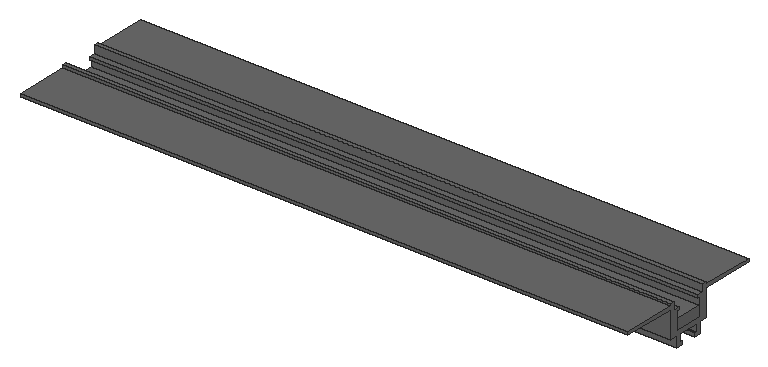
Revit family "ARKOSLIGHT_Minimal Track 24V_Tri Profile + Rubber Cable Xm", category Lighting Fixtures, host Face, Revit 2019
Family settings
  Host = Face
  Round Connector Dimension = Use Diameter
  Part Type = Normal
  Cut with Voids When Loaded = No
  Light Source = No
  Shared = No
  Room Calculation Point = No
Parameters (values of type "A4670X00N - MINIMAL TRACK 24V TRI PROFILE XM N + A4670001N - RUBBER CABLE")
  URL = "https://www.arkoslight.com/en/product/24vmt-es/"
  Model = ARKOSLIGHT_Model  # "ACCESSORIES"
  Manufacturer = "ARKOSLIGHT"  # constant formula
  Length [instance] = 250 mm
  Description = "Select the number and length of profiles suitable for the defined length."  # constant formula
  ARKOSLIGHT_Series = "TRACK 24V ACCESSORIES"  # constant formula
  ARKOSLIGHT_Reference = "A4670X00N"
  ARKOSLIGHT_Model = "ACCESSORIES"  # constant formula
  ARKOSLIGHT_Color = "Black"
  ARKOSLIGHT_Fixture Type = "ACCESSORIES"  # constant formula
  Default Elevation = 0 mm
  Apparent Load = 0 VA  # constant formula
  ARKOSLIGHT_Body Color = ARKOSLIGHT_Black
Reference planes
  plane 1 "Center (Front/Back)": y = 0
  plane 2: z = 0
  plane 3 "Center (Left/Right)": x = 0
  plane 4: x = 125
  plane 5: x = -125
  plane 6: y = 7.5
  plane 7: y = -7.5
Forms (mm)
  Extrusion 1, solid, material "ARKOSLIGHT_Black" <- "ARKOSLIGHT_Body Color"
    sketch origin (-125, -221.408, 1215.95) x (0, -1, 0) y (0, 0, -1)
      loop
        line (-230.609, 1229.45) -> (-230.609, 1218.15) -> (-252.269, 1218.15) -> (-252.269, 1216.95) -> (-230.609, 1216.95) -> (-230.609, 1215.95) -> (-229.059, 1215.95) -> (-229.059, 1219.2) -> (-226.408, 1219.2) -> (-226.408, 1220.1) -> (-227.308, 1220.1) -> (-227.308, 1227.6) -> (-215.508, 1227.6) -> (-215.508, 1220.1) -> (-216.408, 1220.1) -> (-216.408, 1219.2) -> (-213.756, 1219.2) -> (-213.756, 1215.95) -> (-212.206, 1215.95) -> (-212.206, 1216.95) -> (-190.546, 1216.95) -> (-190.546, 1218.15) -> (-212.206, 1218.15) -> (-212.206, 1229.45) -> (-215.658, 1229.45) -> (-215.658, 1233.75) -> (-218.158, 1233.75) -> (-218.158, 1232.25) -> (-217.158, 1232.25) -> (-217.158, 1229.45) -> (-225.658, 1229.45) -> (-225.658, 1232.25) -> (-224.658, 1232.25) -> (-224.658, 1233.75) -> (-227.158, 1233.75) -> (-227.158, 1229.45) -> (-230.609, 1229.45)
    from 0 to 250
  Extrusion 2, solid, material "ARKOSLIGHT_Black"
    sketch origin (-125, -221.408, 1205.95) x (0, -1, 0) y (0, 0, -1)
      loop
        line (-227.308, 1217.6) -> (-227.308, 1213.2) -> (-215.508, 1213.2) -> (-215.508, 1217.6) -> (-227.308, 1217.6)
    from 0 to 250
  Extrusion 3, void
    sketch origin (-125, -221.408, 1215.95) x (0, -1, 0) y (0, 0, -1)
      loop
        line (-228.908, 1229.2) -> (-228.908, 1215.95) -> (-213.908, 1215.95) -> (-213.908, 1229.2) -> (-228.908, 1229.2)
    from 0 to 250
Dimensions and locks
  "Length": plane 5 to plane 4
  equal spacing: plane 5, plane 3 "Center (Left/Right)", plane 4
  equal spacing: plane 6, plane 1 "Center (Front/Back)", plane 7
  locked: plane 6 to plane 7 at 15
  aligned and locked: plane 2 to host face
  aligned and locked: level to host face
  aligned and locked: Extrusion 1 to plane 5
  aligned and locked: Extrusion 1 to plane 4
  aligned and locked: Extrusion 2 to plane 4
  aligned and locked: Extrusion 2 to plane 5
  aligned and locked: Extrusion 3 to plane 4
  aligned and locked: Extrusion 3 to plane 5
  aligned and locked: Extrusion 1 to Extrusion 3
Automatic sketch dimensions
  host sketch curve to host sketch curve = 486.772 mm
  host sketch curve to host sketch curve = 79.884 mm
  plane 6 to Extrusion 2 sketch curve = 1.6 mm
  Extrusion 2 sketch curve to plane 7 = 1.6 mm
  level to Extrusion 2 sketch curve = 11.65 mm
  Extrusion 2 sketch curve to Extrusion 2 sketch curve = 4.4 mm
  Extrusion 3 sketch curve to plane 6 = 0 mm
  Extrusion 3 sketch curve to plane 7 = 0 mm
  level to Extrusion 3 sketch curve = 13.25 mm
  level to Extrusion 3 sketch curve = 0 mm
  Extrusion 1 sketch curve to level = 0 mm  (x2)
  level to Extrusion 1 sketch curve = 2.2 mm
  Extrusion 1 sketch curve to plane 6 = 23.361 mm
  Extrusion 1 sketch curve to plane 6 = 1.701 mm
  Extrusion 1 sketch curve to Extrusion 1 sketch curve = 0 mm  (x3)
  Extrusion 1 sketch curve to plane 6 = 0.151 mm
  plane 6 to Extrusion 1 sketch curve = 1.6 mm
  plane 6 to Extrusion 1 sketch curve = 1.75 mm
  Extrusion 1 sketch curve to Extrusion 1 sketch curve = 0.9 mm  (x4)
  Extrusion 1 sketch curve to Extrusion 1 sketch curve = 1.5 mm  (x4)
  Extrusion 1 sketch curve to Extrusion 1 sketch curve = 1 mm  (x2)
  Extrusion 1 sketch curve to plane 7 = 2.5 mm
  Extrusion 1 sketch curve to plane 7 = 1.75 mm
  plane 7 to Extrusion 1 sketch curve = 0.151 mm
  plane 7 to Extrusion 1 sketch curve = 1.701 mm
  level to Extrusion 1 sketch curve = 1 mm  (x2)
  Extrusion 1 sketch curve to Extrusion 1 sketch curve = 21.66 mm
  Extrusion 1 sketch curve to Extrusion 1 sketch curve = 2.25 mm
  level to Extrusion 1 sketch curve = 3.25 mm
  Extrusion 1 sketch curve to Extrusion 1 sketch curve = 7.5 mm
  Extrusion 1 sketch curve to Extrusion 1 sketch curve = 4.65 mm  (x2)
  Extrusion 1 sketch curve to Extrusion 1 sketch curve = 1.2 mm
  Extrusion 1 sketch curve to Extrusion 1 sketch curve = 1.85 mm  (x2)
